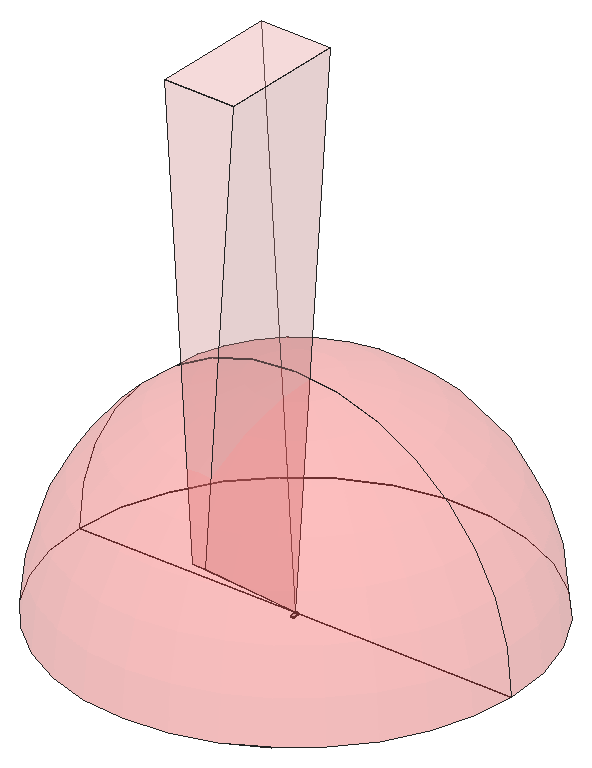
Revit family "Sensor-Lutron-Wall-Radio_Powr_Savr-Vacancy-LRF2-VHLB-P-WH", category Lighting Devices, host Face, Revit 2021
Family settings
  Host = Face
  Maintain Annotation Orientation = No
  Round Connector Dimension = Use Diameter
  Part Type = Normal
  OmniClass Number = 23.85.80.11.27
  OmniClass Title = Lighting Controls
  Cut with Voids When Loaded = No
  Shared = No
  Room Calculation Point = No
Parameters (values of type "LRF2-VHLB-P-WH")
  Width = 1.80"  # constant formula
  Warranty URL = "https://www.lutron.com/en-US/Service-Support/Pages/Service/Warranty/Warranty.aspx"
  Voltage Comment = "Operating Voltage: 3 V"  # constant formula
  Voltage = 3 V  # constant formula
  Video Link = "https://www.youtube.com/user/LutronElectronicsInc"
  Version = "2021 - v1.0a"  # constant formula
  URL = "http://www.lutron.com"
  Support Phone = "(224) 699-9545"  # constant formula
  Support Email = "mailto:support@bimsmith.com"
  Series = "Radio Powr Savr"  # constant formula
  Sensor Type = "Vacancy"  # constant formula
  Recommended Mounting Height [instance] = "Recommended mounting height 6–8ft (1.8–2.4 m) from floor"  # constant formula
  Product Page URL = "https://www.lutron.com/en-US/Products/Pages/Sensors/Occupancy-Vacancy/WirelessRadioPowrSavr/Overview.aspx"
  Product Name = "Radio Powr Savr Wireless Vacancy Wall-Mount Sensor"  # constant formula
  Product Documentation Link = "https://assets.lutron.com/a/documents/Spec_Sheet_369481a_ENG.pdf"
  Power Factor = 1
  Performance URL = "https://www.lutron.com/en-US/Service-Support/Pages/Technical/PerfomanceSpecs.aspx"
  Number of Poles = 1
  Model = "LRF2-VHLB-P-WH"  # constant formula
  Minor Motion Coverage Range = "N/A"  # constant formula
  Minor Motion Area Visibility [instance] = yes
  Minimum Operating Temperature = "32 °F / 0 °C"  # constant formula
  Maximum Operating Temperature = "104 °F / 40 °C"  # constant formula
  Material = ""
  Manufacturer Phone Number = "610-282-3800"  # constant formula
  Manufacturer Fax Number = "610-282-1243"  # constant formula
  Manufacturer Email = "mailto:support@lutron.com"
  Manufacturer Address = "7200 Suter Rd, Coopersburg, PA 18036"  # constant formula
  Manufacturer = "Lutron Electronics Co., Inc"  # constant formula
  Major Motion Coverage Range = "N/A"  # constant formula
  Major Motion Area Visibility [instance] = yes
  Length = 4.35"  # constant formula
  Keynote = "16500"
  Instruction Sheet Link = "https://assets.lutron.com/a/documents/041750.pdf"
  Infrared Coverage Visibility [instance] = yes
  Finish = Plastic - Lutron - White
  Field of View = 0.00°  # constant formula
  Description = "Wall-mounted occupancy and vacancy sensor"  # constant formula
  Depth = 1.35"  # constant formula
  Default Elevation = 48.00"
  Coverage Area = "Major motion = coverage of up to 150 ft (45.7 m)"  # constant formula
  Coverage = 0.00 SF  # constant formula
  Cost Info = "mailto:sales@lutron.com"
  Copyright = "© 2022 Lutron Electronics Co., Inc."  # constant formula
  CP Right [instance] = 60.00"
  CP Length [instance] = 360.00"
  CP Left [instance] = 60.00"
  CP Height [instance] = 84.00"
  C Minor Motion Visibility [instance] = and(Minor Motion Area Visibility, Infrared Coverage Visibility)  # yes
  C Major Motion Visibility [instance] = and(Major Motion Area Visibility, Infrared Coverage Visibility)  # yes
  Assembly Code = "D5030800"
Reference planes (in)
  plane 1 "Center (Front/Back)": y = 0
  plane 2: z = 0
  plane 3 "Center (Left/Right)": x = 0
  plane 4: x = -0.9
  plane 5: x = 0.9
  plane 6: y = 2.175
  plane 7: y = -2.175
  plane 8: z = 1.35
  plane 9 "TOP": z = 1.32979
  plane 10: y = 1.06591
  plane 11: y = -82.93409
  plane 12: z = 361.32979
  plane 13: x = 60
  plane 14: x = -60
Forms (in)
  Extrusion 1, solid, material "Plastic - Lutron - White" <- "Finish"
    sketch origin (0, 0, 0.01105) x (1, 0, 0) y (0, 0, 1)
      loop
        line (-0.9, 0.23642) -> (-0.72029, 0.05671) -> (0, 0.05671) -> (0.72029, 0.05671) -> (0.9, 0.23642) -> (0.87482, 0.62496)
        arc (0.87482, 0.62496) -> (0, 1.33895) -> (-0.87482, 0.62496) r 0.89293
        line (-0.87482, 0.62496) -> (-0.9, 0.23642)
    from -2.175 to 2.175
  Extrusion 2, solid, material "Plastic - Lutron - White" <- "Finish"
    sketch origin (0, 0, 0) x (1, 0, 0) y (0, 0, 1)
      loop
        line (-0.37877, 0) -> (0.37877, 0) -> (0.44653, 0.06776) -> (-0.44653, 0.06776) -> (-0.37877, 0)
    from 0.05705 to 1.98553
  Extrusion 3, void
    sketch origin (0, 0, 0) x (0, 1, 0) y (0, 0, 1)
      loop
        line (2.175, 0.24747) -> (2.09246, 0.24747) -> (2.09246, 0) -> (2.175, 0) -> (2.175, 0.24747)
      loop
        line (-1.86434, -0.05342) -> (-2.175, 0.25724) -> (-2.11773, 1.35) -> (-2.27227, 1.35) -> (-2.27227, -0.05342) -> (-1.86434, -0.05342)
      loop
        line (-0.05705, 0.06776) -> (-0.21786, -0.09304) -> (-0.05705, -0.09304) -> (-0.05705, 0.06776)
    from -3.70444 to 12
  Extrusion 4, void
    sketch origin (0, 0, 0.01105) x (1, 0, 0) y (0, 0, 1)
      loop
        line (-0.7602, 0.91444) -> (-0.70912, 0.88297)
        arc (-0.70912, 0.88297) -> (0, 1.27895) -> (0.70912, 0.88297) r 0.83293
        line (0.70912, 0.88297) -> (0.7602, 0.91444)
        arc (0.7602, 0.91444) -> (0, 1.33895) -> (-0.7602, 0.91444) r 0.89293
    from -1.6981 to -0.47853
  Extrusion 5, solid, material "Plastic - Lutron - White" <- "Finish"
    sketch origin (0, 1.6981, 0.01105) x (1, 0, 0) y (0, 0, 1)
      loop
        arc (-0.70912, 0.88297) -> (0, 1.27895) -> (0.70912, 0.88297) r 0.83293
        line (0.70912, 0.88297) -> (0.74317, 0.90395)
        arc (0.74317, 0.90395) -> (0, 1.31895) -> (-0.74317, 0.90395) r 0.87293
        line (-0.74317, 0.90395) -> (-0.70912, 0.88297)
    from 0 to 1.21957
  Revolve 6, solid, material "Plastic - Lutron - White" <- "Finish"
    sketch origin (0, 0.31074, 0) x (1, 0, 0) y (0, 0, 1)
      loop
        line (0, 0.06776) -> (0, 0) -> (0.07003, 0) -> (0.07003, 0.06776) -> (0, 0.06776)
      axis (0, 0.06776) -> (0, 0)
    angle from 0 to 360
  Revolve 7, solid, material "Plastic - Lutron - White" <- "Finish"
    sketch origin (0.33872, 0.31074, 0) x (1, 0, 0) y (0, 0, 1)
      loop
        line (0, 0.06776) -> (0, 0) -> (0.07003, 0) -> (0.07003, 0.06776) -> (0, 0.06776)
      axis (0, 0.06776) -> (0, 0)
    angle from 0 to 360
  Revolve 8, solid, material "Plastic - Lutron - White" <- "Finish"
    sketch origin (-0.33872, 0.31074, 0) x (-1, 0, 0) y (0, 0, -1)
      loop
        line (0, -0.06776) -> (0.07003, -0.06776) -> (0.07003, 0) -> (0, 0) -> (0, -0.06776)
      axis (0, -0.06776) -> (0, 0)
    angle from 0 to 360
Cuts and joins
  Extrusion 3, Extrusion 4 cuts Extrusion 1
  Extrusion 3 cuts Extrusion 2
Dimensions and locks (in)
  equal spacing: plane 6, plane 1 "Center (Front/Back)", plane 7
  equal spacing: plane 4, plane 3 "Center (Left/Right)", plane 5
  "CP Height": plane 10 to plane 11
  "CP Length": plane 9 "TOP" to plane 12
  "CP Left": plane 3 "Center (Left/Right)" to plane 14
  "CP Right": plane 13 to plane 3 "Center (Left/Right)"
  "Width": plane 4 to plane 5
  "Length": plane 6 to plane 7
  "Depth": plane 8 to host face
  aligned and locked: plane 2 to host face
  aligned and locked: level to host face
  aligned and locked: plane 3 "Center (Left/Right)" to nested 1
  aligned and locked: plane 6 to Extrusion 1
  aligned and locked: Extrusion 1 to plane 7
Automatic sketch dimensions
  host sketch curve to host sketch curve = 96.00"  (x2)
  Extrusion 1 sketch curve to plane 4 = 0.00"
  Extrusion 1 sketch curve to plane 3 "Center (Left/Right)" = 0.00"  (x2)
  Extrusion 1 sketch curve to plane 5 = 0.00"
  plane 4 to Extrusion 1 sketch curve = 0.02518"
  level to Extrusion 1 sketch curve = 0.06776"
  plane 4 to Extrusion 1 sketch curve = 0.17971"
  Extrusion 1 sketch curve to plane 5 = 0.17971"
  Extrusion 1 sketch curve to plane 5 = 0.02518"
  level to Extrusion 1 sketch curve = 0.24747"  (x2)
  Extrusion 1 sketch curve to Extrusion 1 sketch curve = 0.38931"
  Extrusion 2 sketch curve to level = 0.00"
  level to Extrusion 2 sketch curve = 0.06776"
  Extrusion 2 sketch curve to plane 3 "Center (Left/Right)" = 0.44653"
  Extrusion 2 sketch curve to Extrusion 2 sketch curve = 0.06776"  (x2)
  plane 3 "Center (Left/Right)" to Extrusion 2 sketch curve = 0.37877"
  Extrusion 3 sketch curve to plane 8 = 0.00"
  Extrusion 3 sketch curve to plane 7 = 0.00"
  Extrusion 3 sketch curve to level = 0.00"
  Extrusion 3 sketch curve to plane 6 = 0.00"
  Extrusion 3 sketch curve to plane 7 = 0.09727"
  plane 7 to Extrusion 3 sketch curve = 0.05727"
  Extrusion 3 sketch curve to level = 0.05342"
  plane 7 to Extrusion 3 sketch curve = 0.31066"
  Extrusion 3 sketch curve to level = 0.09304"
  plane 1 "Center (Front/Back)" to Extrusion 3 sketch curve = 0.21786"
  plane 1 "Center (Front/Back)" to Extrusion 3 sketch curve = 0.05705"
  Extrusion 3 sketch curve to plane 6 = 0.08254"
  level to Extrusion 3 sketch curve = 0.06776"
  level to Extrusion 3 sketch curve = 0.24747"
  level to Extrusion 3 sketch curve = 0.25724"
  Extrusion 4 sketch curve to Extrusion 4 sketch curve = 0.00"  (x2)
  Extrusion 4 sketch curve to plane 3 "Center (Left/Right)" = 0.00"
  plane 4 to Extrusion 4 sketch curve = 0.19088"
  Extrusion 4 sketch curve to Extrusion 4 sketch curve = 0.05108"  (x2)
  level to Extrusion 4 sketch curve = 0.45707"
  Extrusion 4 to Extrusion 5 sketch curve = 0.00"  (x2)
  Extrusion 5 sketch curve to Extrusion 4 = 0.00"  (x2)
  Revolve 6 sketch curve to plane 3 "Center (Left/Right)" = 0.00"  (x2)
  Revolve 6 sketch curve to level = 0.00"
  plane 3 "Center (Left/Right)" to Revolve 6 sketch curve = 0.07003"
  Revolve 6 sketch curve to Revolve 6 sketch curve = 0.06776"
  Revolve 6 sketch curve to level = 0.06782"
  Revolve 6 sketch curve to Revolve 6 sketch curve = 0.11442"
  Revolve 7 sketch curve to level = 0.00"
  level to Revolve 7 sketch curve = 0.06776"
  plane 3 "Center (Left/Right)" to Revolve 7 sketch curve = 0.33872"
  Revolve 7 sketch curve to Revolve 7 sketch curve = 0.07003"
  Revolve 7 sketch curve to Revolve 7 sketch curve = 0.00"
  Revolve 7 sketch curve to Revolve 7 sketch curve = 0.06782"
  Revolve 7 sketch curve to Revolve 7 sketch curve = 0.11442"
  Revolve 8 sketch curve to level = 0.00"
  level to Revolve 8 sketch curve = 0.06776"
  Revolve 8 sketch curve to plane 3 "Center (Left/Right)" = 0.33872"
  Revolve 8 sketch curve to Revolve 8 sketch curve = 0.07003"
  Revolve 8 sketch curve to Revolve 8 sketch curve = 0.00"
  Revolve 8 sketch curve to Revolve 8 sketch curve = 0.11442"
  Revolve 8 sketch curve to Revolve 8 sketch curve = 0.06782"
  Extrusion 1 sketch curve to Extrusion 1 sketch curve = 0.38854"
  Extrusion 4 sketch curve to plane 5 = 0.19088"
  plane 9 "TOP" to Extrusion 4 sketch curve = 0.43577"
  Extrusion 4 sketch curve to Extrusion 4 sketch curve = 0.03148"
  radius of Extrusion 5 sketch curve to Extrusion 4 = 0.00"
  radius of Extrusion 5 sketch curve to Extrusion 4 = 0.02"
Nested families (in)
  nested 1: "Nested_Hallway Coverage" at (0, 1.06591, 1.32979), CP Cut Height <- "CP Height", CP Front <- "CP Length", CP Left <- "CP Left", CP Right <- "CP Right", visible <- "Infrared Coverage Visibility", type "Default"
    with CP Right Safe 60.00", CP Right 60.00", CP Left Safe 60.00", CP Left 60.00", CP Front Safe 360.00", CP Front 360.00", CP Cut Height 84.00", CP Back Safe 72.00", CP Back 72.00", C Cut Height Safe 84.00"
Connectors (in)
  electrical at (0, -1.02129, 0), driven by "Voltage", driven by "Power Factor", driven by "Number of Poles"
    settings: on cut or joined group of Extrusion 2, Extrusion 3, index 1, voltage 3 V, apparent load 0 VA, apparent load phase1 0 VA, apparent load phase2 0 VA, apparent load phase3 0 VA, power factor 1, load classification "Other", number of poles 1, system type 13, power factor state 1, is connector primary yes, connector utility no, sub classification motor no, connector description "Control Connector"
Definition of nested family "Nested_Hallway Coverage"
  Parameters (values of type "Default")
    Width = 312.00"  # constant formula
    Radius of Coverage = 150.00"  # constant formula
    Minor = yes
    Major = yes
    Default Elevation = 48.00"
    CP Right Safe [instance] = if(or(CP Right < 0.00", CP Right = 0.00"), 1.19922", if(CP Right > 120.00", 120.00", CP Right))  # 60.00"
    CP Right [instance] = 60.00"
    CP Left Safe [instance] = if(or(CP Left < 0.00", CP Left = 0.00"), 1.19922", if(CP Left > 120.00", 120.00", CP Left))  # 72.00"
    Height = 144.00"  # constant formula
    CP Left [instance] = 72.00"
    CP Front Safe [instance] = if(or(CP Front < 0.00", CP Front = 0.00"), 1.19922", if(CP Front > 1800.00", 1800.00", CP Front))  # 270.00"
    CP Cut Height [instance] = 114.00"
    CP Front [instance] = 270.00"
    CP Back [instance] = 72.00"
    C Cut Height Safe [instance] = if(or(CP Cut Height < 0.00", CP Cut Height = 0.00"), 1.19922", if(CP Cut Height > 96.00", 96.00", CP Cut Height))  # 96.00"
    CP Back Safe [instance] = CP Back  # 72.00"
    Blindspot Angle = 38.00°  # constant formula
  Reference planes (in)
    plane 1 "Center (Front/Back)": y = 0
    plane 2: z = 0
    plane 3 "Center (Left/Right)": x = 0
    plane 4: z = 1800
    plane 5: z = 270
    plane 6: y = -114
    plane 7: y = -168
    plane 8: x = 60
    plane 9: x = -72
  Forms (in)
    Revolve 1, solid, visible <- "Minor"
      sketch origin (0, 0, 0) x (1, 0, 0) y (0, 0, 1)
        loop
          arc (150, 0) -> (106.06602, 106.06602) -> (0, 150) r 150
          line (0, 150) -> (0, 0) -> (150, 0)
        axis (0, 150) -> (0, 0)
      angle from 0 to 360
    Extrusion 2, solid, visible <- "Major"
      sketch origin (0, 0, 0) x (1, 0, 0) y (0, 0, 1)
        loop
          line (-120, 1800) -> (0, 0) -> (120, 1800) -> (-120, 1800)
      from 0 to 168
    Extrusion 3, void
      sketch origin (0, 0, 0) x (0, 1, 0) y (0, 0, 1)
        loop
          line (0, 0) -> (-408, 318.76454) -> (-408, 0) -> (0, 0)
      from -72 to 60
    Extrusion 4, void
      sketch origin (0, 0, 0) x (0, 1, 0) y (0, 0, 1)
        loop
          line (-114, 0) -> (-114, 1800) -> (-1427.20295, 1800) -> (-1427.20295, 0) -> (-114, 0)
      from -304.37321 to 593.10418
    Extrusion 5, void
      sketch origin (0, 0, 0) x (1, 0, 0) y (0, 0, 1)
        loop
          line (-2124.81161, 0) -> (-72, 0) -> (-72, 270) -> (60, 270) -> (60, 0) -> (2371.0447, 0) -> (2371.0447, 3006.38744) -> (-2124.81161, 3006.38744) -> (-2124.81161, 0)
      from -134.50889 to 295.36341
  Cuts and joins
    Extrusion 3, Extrusion 4, Extrusion 5 cuts Extrusion 2
  Dimensions and locks (in)
    plane 4 to plane 2 = 1800.00"
    "CP Cut Height": plane 1 "Center (Front/Back)" to plane 6
    "CP Front": plane 5 to level
    "CP Left Safe": plane 3 "Center (Left/Right)" to plane 9
    "CP Right Safe": plane 8 to plane 3 "Center (Left/Right)"
    "Radius of Coverage": radius of Revolve 1 sketch curve
    "Blindspot Angle": angle Extrusion 3 sketch curve to Extrusion 3 sketch curve
    aligned and locked: level to plane 2
    aligned and locked: plane 4 to Extrusion 2
    aligned and locked: level to Extrusion 3 sketch curve
    aligned and locked: plane 1 "Center (Front/Back)" to Extrusion 3 sketch curve
    aligned and locked: plane 6 to Extrusion 4 sketch curve
    aligned and locked: Extrusion 4 sketch curve to cut or joined group of Extrusion 2, Extrusion 3, Extrusion 4, Extrusion 5
    aligned and locked: level to Extrusion 4 sketch curve
    aligned and locked: Extrusion 5 sketch curve to level
    aligned and locked: Extrusion 5 sketch curve to plane 9
    aligned and locked: Extrusion 5 sketch curve to plane 5
    aligned and locked: Extrusion 5 sketch curve to plane 8
    aligned and locked: Extrusion 3 to plane 9
    aligned and locked: plane 8 to Extrusion 3
  Automatic sketch dimensions
    Extrusion 2 sketch curve to level = 0.00"
    Extrusion 2 sketch curve to plane 3 "Center (Left/Right)" = 0.00"
    plane 5 to Extrusion 2 sketch curve = 1530.00"
    plane 3 "Center (Left/Right)" to Extrusion 2 sketch curve = 120.00"
    Extrusion 2 sketch curve to plane 3 "Center (Left/Right)" = 120.00"
    Extrusion 5 sketch curve to plane 9 = 2052.81161"
    plane 8 to Extrusion 5 sketch curve = 2311.0447"
    Extrusion 5 sketch curve to level = 0.00"
    plane 4 to Extrusion 5 sketch curve = 1206.38744"
    plane 7 to Extrusion 4 sketch curve = 1259.20295"
    Revolve 1 sketch curve to level = 0.00"
    Revolve 1 sketch curve to plane 3 "Center (Left/Right)" = 0.00"  (x2)
    Revolve 1 sketch curve to level = 11.00"
    Revolve 1 sketch curve to Revolve 1 sketch curve = 24.00"
    plane 5 to Extrusion 3 sketch curve = 48.76454"
